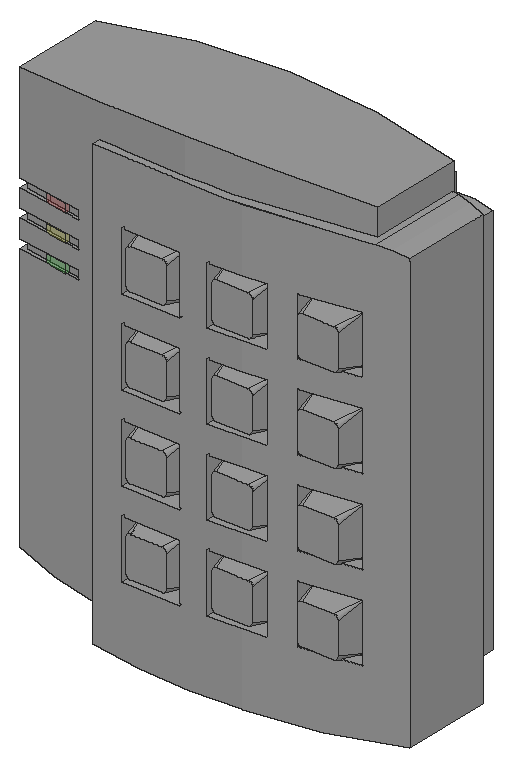
Revit family "STS-708M_RV17_LOD_400", category Электрооборудование, Revit 2017
Family settings
  Конфигурация панели = Два столбца, слева направо
  Размер круглого соединителя = Использовать диаметр
  Тип детали = Щит
  На основе рабочей плоскости = Нет
  Всегда вертикально = Да
  При загрузке вырезать с полостями = Нет
  Общий = Нет
  Точка расчета площади = Нет
Parameters (values of type "STS-708M")
  Частота, кГц = 13.56
  Тип идентификаторов = "карта, брелок"
  Смещение_УГО_Y [instance] = 0 mm
  Смещение_УГО_X [instance] = 0 mm
  Раздел проекта [instance] = ""
  Раздел Спецификации [instance] = ""
  Потребляемый ток, не более, А = 0.08
  Номинальная дальность считывания = "1-7 (зависит от\r\nидентификатора доступа)"
  Напряжение = "12"
  Диапазон рабочих температур, °С = "от минус 40 до плюс 50"
  Информационные интерфейсы = "RS-485"
  Идентификаторы (5) = "MIFARE Ultralight C"
  Идентификаторы (4) = "MIFARE Ultralight"
  Идентификаторы (3) = "MIFARE Classic Mini"
  Идентификаторы (2) = "MIFARE Classic 4K"
  Идентификаторы = "MIFARE Classic 1K"
  Время считывания проксимити-карт, не более, мс = 200
  Видимость_УГО [instance] = yes
  В_Смещение_УГО_Y [instance] = Смещение_УГО_Y + 2000 mm  # 2000 mm
  В_Смещение_УГО_X [instance] = Смещение_УГО_X + 2000 mm  # 2000 mm
  Антенна = "встроенная"
  d короба [instance] = 20 mm
  ADSK_Размер_Ширина = 87 mm
  ADSK_Размер_Глубина = 35 mm
  ADSK_Размер_Высота = 108 mm
  ADSK_Примечание = ""
  ADSK_Наименование = "STS-708M"
  ADSK_Масса = 0.25
  ADSK_Марка = "СТВФ.431295.148"
  ADSK_Количество = 1
  ADSK_Завод-изготовитель = "ООО «Основа Безопасности»"  # constant formula
  ADSK_Единица измерения = "шт."  # constant formula
  ADSK_URL страницы изделия = "https://stilsoft.ru/products/sts-708m"
  ADSK_URL документации изделия = ""
Reference planes
  plane 1 "По центру (Вперед/Назад)": y = 0
  plane 2: z = 0
  plane 3 "По центру (Влево/Вправо)": x = 0
  plane 4 "6": y = -35
  plane 5: x = 43.5
  plane 6 "7": x = -43.5
  plane 7 "вверх": z = 108
  plane 8: y = -4
  plane 9: y = -33
  plane 10: y = 0
  plane 11: x = 0
  plane 12: y = 2000
  plane 13: x = -2000
Forms (mm)
  Extrusion 1, solid, material "По умолчанию", detail levels medium+fine
    sketch origin (0, 0, 108) x (-1, 0, 0) y (0, -1, 0)
      loop
        arc (43.5, 28) -> (4, 32) -> (-35.5, 28) r 197.031
        line (-35.5, 28) -> (-35.5, 7)
        arc (-35.5, 7) -> (4, 3) -> (43.5, 7) r 197.031
        line (43.5, 7) -> (43.5, 28)
    from 0 to -100
  Extrusion 2, solid, material "По умолчанию", detail levels medium+fine
    sketch origin (0, 0, 0) x (1, 0, 0) y (0, 1, 0)
      loop
        line (-23.5, -4.578) -> (-23.5, -33)
        arc (-23.5, -33) -> (10.156, -33.62) -> (43.5, -29) r 215.844
        line (43.5, -29) -> (43.5, -9)
        arc (43.5, -9) -> (10.193, -3.867) -> (-23.5, -4.578) r 193.933
    from 0 to 100
  Extrusion 3, solid, material "По умолчанию", detail levels medium+fine
    sketch origin (0, 0, 0) x (1, 0, 0) y (0, 0, 1)
      loop
        arc (-38.5, 13) -> (-28.649, 10.51) -> (-18.5, 10) r 51.561
        line (-18.5, 10) -> (-18.5, 6)
        arc (-18.5, 6) -> (10.026, 5.004) -> (38.5, 7) r 272.209
        line (38.5, 7) -> (38.5, 94)
        arc (38.5, 94) -> (34.549, 94.894) -> (30.5, 95) r 20.654
        line (30.5, 95) -> (30.5, 99)
        arc (30.5, 99) -> (-4, 100) -> (-38.5, 99) r 595.625
        line (-38.5, 99) -> (-38.5, 13)
    from 0 to 10
  Sweep 4, void
    path origin (0, 0, 0) x (1, 0, 0) y (0, 1, 0)
      loop
        line (-23.5, -1.655) -> (-23.5, -35)
    profile origin (-23.5, -18.327, 0) x (1, 0, 0) y (0, 0, 1)
      loop
        line (0, 1) -> (-1, 1) -> (-1, -2) -> (68, -2) -> (68, 2) -> (67, 2)
        arc (67, 2) -> (33.522, 0) -> (0, 1) r 374.958
  Sweep 5, void
    path origin (0, 0, 8) x (-1, 0, 0) y (0, -1, 0)
      loop
        line (23.5, 3) -> (23.5, 33)
    profile origin (-23.5, -18, 8) x (1, 0, 0) y (0, 0, 1)
      loop
        arc (0, 0) -> (-10.125, 0.67) -> (-20, 3) r 61.309
        line (-20, 3) -> (-21.767, 3) -> (-21.767, -2) -> (0, -2) -> (0, 0)
  Sweep 6, void
    path origin (0, 0, 108) x (-1, 0, 0) y (0, -1, 0)
      loop
        line (43.5, 0) -> (43.5, 35)
    profile origin (-43.5, -17.5, 108) x (1, 0, 0) y (0, 0, 1)
      loop
        arc (0, -2) -> (39.5, 0) -> (79, -2) r 391.063
        line (79, -2) -> (81, -2) -> (81, 2) -> (-2, 2) -> (-2, -2) -> (0, -2)
  Sweep 7, void
    path origin (0, 0, 100) x (0, -1, 0) y (1, 0, 0)
      loop
        line (5.698, 35.5) -> (32, 35.5)
    profile origin (35.5, -18.849, 100) x (1, 0, 0) y (0, 0, 1)
      loop
        arc (0, 0) -> (4.038, -0.192) -> (8, -1) r 26.362
        line (8, -1) -> (9, -1) -> (9, 1) -> (0, 1) -> (0, 0)
  Extrusion 8, void, detail levels fine
    sketch origin (-43.5, 0, 0) x (0, -1, 0) y (0, 0, 1)
      loop
        line (28, 84) -> (17, 84) -> (17, 82) -> (28, 82) -> (28, 84)
      loop
        line (28, 78) -> (17, 78) -> (17, 76) -> (28, 76) -> (28, 78)
      loop
        line (28, 72) -> (17, 72) -> (17, 70) -> (28, 70) -> (28, 72)
    from 0 to -1
  Extrusion 9, void, detail levels fine
    sketch origin (-5.948, -33.735, 0) x (-0.984808, 0.173648, 0) y (0, 0, 1)
      loop
        line (37.977, 84) -> (22.977, 84) -> (22.977, 82) -> (37.977, 82) -> (37.977, 84)
      loop
        line (37.977, 78) -> (22.977, 78) -> (22.977, 76) -> (37.977, 76) -> (37.977, 78)
      loop
        line (37.977, 72) -> (22.977, 72) -> (22.977, 70) -> (37.977, 70) -> (37.977, 72)
    from 0 to -1.049
  Extrusion 10, solid, material "Стекло", detail levels fine
    sketch origin (-5.948, -33.735, 0) x (-0.984808, 0.173648, 0) y (0, 0, 1)
      loop
        line (25.977, 82) -> (30.977, 82) -> (30.977, 84) -> (25.977, 84) -> (25.977, 82)
    from 0 to -1
  Extrusion 11, solid, material "Стекло 2", detail levels fine
    sketch origin (-5.948, -33.735, -6) x (-0.984808, 0.173648, 0) y (0, 0, 1)
      loop
        line (25.977, 82) -> (30.977, 82) -> (30.977, 84) -> (25.977, 84) -> (25.977, 82)
    from 0 to -1
  Extrusion 12, solid, material "Стекло 3", detail levels fine
    sketch origin (-5.948, -33.735, -12) x (-0.984808, 0.173648, 0) y (0, 0, 1)
      loop
        line (25.977, 82) -> (30.977, 82) -> (30.977, 84) -> (25.977, 84) -> (25.977, 82)
    from 0 to -1
  Extrusion 13, void, detail levels medium+fine
    sketch origin (0, -28, 0) x (-1, 0, 0) y (0, 0, 1)
      loop
        line (16.5, 86) -> (3.5, 86) -> (3.5, 73) -> (16.5, 73) -> (16.5, 86)
      loop
        line (-2.5, 86) -> (-15.5, 86) -> (-15.5, 73) -> (-2.5, 73) -> (-2.5, 86)
      loop
        line (-21.5, 86) -> (-34.5, 86) -> (-34.5, 73) -> (-21.5, 73) -> (-21.5, 86)
      loop
        line (16.5, 67) -> (3.5, 67) -> (3.5, 54) -> (16.5, 54) -> (16.5, 67)
      loop
        line (-2.5, 67) -> (-15.5, 67) -> (-15.5, 54) -> (-2.5, 54) -> (-2.5, 67)
      loop
        line (-21.5, 67) -> (-34.5, 67) -> (-34.5, 54) -> (-21.5, 54) -> (-21.5, 67)
      loop
        line (16.5, 48) -> (3.5, 48) -> (3.5, 35) -> (16.5, 35) -> (16.5, 48)
      loop
        line (-2.5, 48) -> (-15.5, 48) -> (-15.5, 35) -> (-2.5, 35) -> (-2.5, 48)
      loop
        line (-21.5, 48) -> (-34.5, 48) -> (-34.5, 35) -> (-21.5, 35) -> (-21.5, 48)
      loop
        line (16.5, 29) -> (3.5, 29) -> (3.5, 16) -> (16.5, 16) -> (16.5, 29)
      loop
        line (-2.5, 29) -> (-15.5, 29) -> (-15.5, 16) -> (-2.5, 16) -> (-2.5, 29)
      loop
        line (-21.5, 29) -> (-34.5, 29) -> (-34.5, 16) -> (-21.5, 16) -> (-21.5, 29)
    from 0 to -7
  Blend 14, solid, material "По умолчанию", detail levels medium+fine
    base sketch origin (0, -28, 0) x (-1, 0, 0) y (0, 0, 1)
      loop
        line (15.5, 85) -> (4.5, 85) -> (4.5, 74) -> (15.5, 74) -> (15.5, 85)
    top sketch origin (0, -28, 0) x (-1, 0, 0) y (0, 0, 1)
      loop
        line (13.5, 84) -> (6.5, 84)
        arc (6.5, 84) -> (5.793, 83.707) -> (5.5, 83) r 1
        line (5.5, 83) -> (5.5, 76)
        arc (5.5, 76) -> (5.793, 75.293) -> (6.5, 75) r 1
        line (6.5, 75) -> (13.5, 75)
        arc (13.5, 75) -> (14.207, 75.293) -> (14.5, 76) r 1
        line (14.5, 76) -> (14.5, 83)
        arc (14.5, 83) -> (14.207, 83.707) -> (13.5, 84) r 1
    from 0 to -7
  Blend 15, solid, material "По умолчанию", detail levels medium+fine
    base sketch origin (19, -28, 0) x (-1, 0, 0) y (0, 0, 1)
      loop
        line (15.5, 85) -> (4.5, 85) -> (4.5, 74) -> (15.5, 74) -> (15.5, 85)
    top sketch origin (19, -28, 0) x (-1, 0, 0) y (0, 0, 1)
      loop
        line (13.5, 84) -> (6.5, 84)
        arc (6.5, 84) -> (5.793, 83.707) -> (5.5, 83) r 1
        line (5.5, 83) -> (5.5, 76)
        arc (5.5, 76) -> (5.793, 75.293) -> (6.5, 75) r 1
        line (6.5, 75) -> (13.5, 75)
        arc (13.5, 75) -> (14.207, 75.293) -> (14.5, 76) r 1
        line (14.5, 76) -> (14.5, 83)
        arc (14.5, 83) -> (14.207, 83.707) -> (13.5, 84) r 1
    from 0 to -7
  Blend 16, solid, material "По умолчанию", detail levels medium+fine
    base sketch origin (38, -28, 0) x (-1, 0, 0) y (0, 0, 1)
      loop
        line (15.5, 85) -> (4.5, 85) -> (4.5, 74) -> (15.5, 74) -> (15.5, 85)
    top sketch origin (38, -28, 0) x (-1, 0, 0) y (0, 0, 1)
      loop
        line (13.5, 84) -> (6.5, 84)
        arc (6.5, 84) -> (5.793, 83.707) -> (5.5, 83) r 1
        line (5.5, 83) -> (5.5, 76)
        arc (5.5, 76) -> (5.793, 75.293) -> (6.5, 75) r 1
        line (6.5, 75) -> (13.5, 75)
        arc (13.5, 75) -> (14.207, 75.293) -> (14.5, 76) r 1
        line (14.5, 76) -> (14.5, 83)
        arc (14.5, 83) -> (14.207, 83.707) -> (13.5, 84) r 1
    from 0 to -7
  Blend 17, solid, material "По умолчанию", detail levels medium+fine
    base sketch origin (0, -28, -19) x (-1, 0, 0) y (0, 0, 1)
      loop
        line (15.5, 85) -> (4.5, 85) -> (4.5, 74) -> (15.5, 74) -> (15.5, 85)
    top sketch origin (0, -28, -19) x (-1, 0, 0) y (0, 0, 1)
      loop
        line (13.5, 84) -> (6.5, 84)
        arc (6.5, 84) -> (5.793, 83.707) -> (5.5, 83) r 1
        line (5.5, 83) -> (5.5, 76)
        arc (5.5, 76) -> (5.793, 75.293) -> (6.5, 75) r 1
        line (6.5, 75) -> (13.5, 75)
        arc (13.5, 75) -> (14.207, 75.293) -> (14.5, 76) r 1
        line (14.5, 76) -> (14.5, 83)
        arc (14.5, 83) -> (14.207, 83.707) -> (13.5, 84) r 1
    from 0 to -7
  Blend 18, solid, material "По умолчанию", detail levels medium+fine
    base sketch origin (19, -28, -19) x (-1, 0, 0) y (0, 0, 1)
      loop
        line (15.5, 85) -> (4.5, 85) -> (4.5, 74) -> (15.5, 74) -> (15.5, 85)
    top sketch origin (19, -28, -19) x (-1, 0, 0) y (0, 0, 1)
      loop
        line (13.5, 84) -> (6.5, 84)
        arc (6.5, 84) -> (5.793, 83.707) -> (5.5, 83) r 1
        line (5.5, 83) -> (5.5, 76)
        arc (5.5, 76) -> (5.793, 75.293) -> (6.5, 75) r 1
        line (6.5, 75) -> (13.5, 75)
        arc (13.5, 75) -> (14.207, 75.293) -> (14.5, 76) r 1
        line (14.5, 76) -> (14.5, 83)
        arc (14.5, 83) -> (14.207, 83.707) -> (13.5, 84) r 1
    from 0 to -7
  Blend 19, solid, material "По умолчанию", detail levels medium+fine
    base sketch origin (38, -28, -19) x (-1, 0, 0) y (0, 0, 1)
      loop
        line (15.5, 85) -> (4.5, 85) -> (4.5, 74) -> (15.5, 74) -> (15.5, 85)
    top sketch origin (38, -28, -19) x (-1, 0, 0) y (0, 0, 1)
      loop
        line (13.5, 84) -> (6.5, 84)
        arc (6.5, 84) -> (5.793, 83.707) -> (5.5, 83) r 1
        line (5.5, 83) -> (5.5, 76)
        arc (5.5, 76) -> (5.793, 75.293) -> (6.5, 75) r 1
        line (6.5, 75) -> (13.5, 75)
        arc (13.5, 75) -> (14.207, 75.293) -> (14.5, 76) r 1
        line (14.5, 76) -> (14.5, 83)
        arc (14.5, 83) -> (14.207, 83.707) -> (13.5, 84) r 1
    from 0 to -7
  Blend 20, solid, material "По умолчанию", detail levels medium+fine
    base sketch origin (0, -28, -38) x (-1, 0, 0) y (0, 0, 1)
      loop
        line (15.5, 85) -> (4.5, 85) -> (4.5, 74) -> (15.5, 74) -> (15.5, 85)
    top sketch origin (0, -28, -38) x (-1, 0, 0) y (0, 0, 1)
      loop
        line (13.5, 84) -> (6.5, 84)
        arc (6.5, 84) -> (5.793, 83.707) -> (5.5, 83) r 1
        line (5.5, 83) -> (5.5, 76)
        arc (5.5, 76) -> (5.793, 75.293) -> (6.5, 75) r 1
        line (6.5, 75) -> (13.5, 75)
        arc (13.5, 75) -> (14.207, 75.293) -> (14.5, 76) r 1
        line (14.5, 76) -> (14.5, 83)
        arc (14.5, 83) -> (14.207, 83.707) -> (13.5, 84) r 1
    from 0 to -7
  Blend 21, solid, material "По умолчанию", detail levels medium+fine
    base sketch origin (19, -28, -38) x (-1, 0, 0) y (0, 0, 1)
      loop
        line (15.5, 85) -> (4.5, 85) -> (4.5, 74) -> (15.5, 74) -> (15.5, 85)
    top sketch origin (19, -28, -38) x (-1, 0, 0) y (0, 0, 1)
      loop
        line (13.5, 84) -> (6.5, 84)
        arc (6.5, 84) -> (5.793, 83.707) -> (5.5, 83) r 1
        line (5.5, 83) -> (5.5, 76)
        arc (5.5, 76) -> (5.793, 75.293) -> (6.5, 75) r 1
        line (6.5, 75) -> (13.5, 75)
        arc (13.5, 75) -> (14.207, 75.293) -> (14.5, 76) r 1
        line (14.5, 76) -> (14.5, 83)
        arc (14.5, 83) -> (14.207, 83.707) -> (13.5, 84) r 1
    from 0 to -7
  Blend 22, solid, material "По умолчанию", detail levels medium+fine
    base sketch origin (38, -28, -38) x (-1, 0, 0) y (0, 0, 1)
      loop
        line (15.5, 85) -> (4.5, 85) -> (4.5, 74) -> (15.5, 74) -> (15.5, 85)
    top sketch origin (38, -28, -38) x (-1, 0, 0) y (0, 0, 1)
      loop
        line (13.5, 84) -> (6.5, 84)
        arc (6.5, 84) -> (5.793, 83.707) -> (5.5, 83) r 1
        line (5.5, 83) -> (5.5, 76)
        arc (5.5, 76) -> (5.793, 75.293) -> (6.5, 75) r 1
        line (6.5, 75) -> (13.5, 75)
        arc (13.5, 75) -> (14.207, 75.293) -> (14.5, 76) r 1
        line (14.5, 76) -> (14.5, 83)
        arc (14.5, 83) -> (14.207, 83.707) -> (13.5, 84) r 1
    from 0 to -7
  Blend 23, solid, material "По умолчанию", detail levels medium+fine
    base sketch origin (0, -28, -57) x (-1, 0, 0) y (0, 0, 1)
      loop
        line (15.5, 85) -> (4.5, 85) -> (4.5, 74) -> (15.5, 74) -> (15.5, 85)
    top sketch origin (0, -28, -57) x (-1, 0, 0) y (0, 0, 1)
      loop
        line (13.5, 84) -> (6.5, 84)
        arc (6.5, 84) -> (5.793, 83.707) -> (5.5, 83) r 1
        line (5.5, 83) -> (5.5, 76)
        arc (5.5, 76) -> (5.793, 75.293) -> (6.5, 75) r 1
        line (6.5, 75) -> (13.5, 75)
        arc (13.5, 75) -> (14.207, 75.293) -> (14.5, 76) r 1
        line (14.5, 76) -> (14.5, 83)
        arc (14.5, 83) -> (14.207, 83.707) -> (13.5, 84) r 1
    from 0 to -7
  Blend 24, solid, material "По умолчанию", detail levels medium+fine
    base sketch origin (19, -28, -57) x (-1, 0, 0) y (0, 0, 1)
      loop
        line (15.5, 85) -> (4.5, 85) -> (4.5, 74) -> (15.5, 74) -> (15.5, 85)
    top sketch origin (19, -28, -57) x (-1, 0, 0) y (0, 0, 1)
      loop
        line (13.5, 84) -> (6.5, 84)
        arc (6.5, 84) -> (5.793, 83.707) -> (5.5, 83) r 1
        line (5.5, 83) -> (5.5, 76)
        arc (5.5, 76) -> (5.793, 75.293) -> (6.5, 75) r 1
        line (6.5, 75) -> (13.5, 75)
        arc (13.5, 75) -> (14.207, 75.293) -> (14.5, 76) r 1
        line (14.5, 76) -> (14.5, 83)
        arc (14.5, 83) -> (14.207, 83.707) -> (13.5, 84) r 1
    from 0 to -7
  Blend 25, solid, material "По умолчанию", detail levels medium+fine
    base sketch origin (38, -28, -57) x (-1, 0, 0) y (0, 0, 1)
      loop
        line (15.5, 85) -> (4.5, 85) -> (4.5, 74) -> (15.5, 74) -> (15.5, 85)
    top sketch origin (38, -28, -57) x (-1, 0, 0) y (0, 0, 1)
      loop
        line (13.5, 84) -> (6.5, 84)
        arc (6.5, 84) -> (5.793, 83.707) -> (5.5, 83) r 1
        line (5.5, 83) -> (5.5, 76)
        arc (5.5, 76) -> (5.793, 75.293) -> (6.5, 75) r 1
        line (6.5, 75) -> (13.5, 75)
        arc (13.5, 75) -> (14.207, 75.293) -> (14.5, 76) r 1
        line (14.5, 76) -> (14.5, 83)
        arc (14.5, 83) -> (14.207, 83.707) -> (13.5, 84) r 1
    from 0 to -7
  Extrusion 26, solid, not visible, detail levels medium+fine
    sketch origin (0, 0, 108) x (-1, 0, 0) y (0, -1, 0)
      loop
        arc (43.5, 28) -> (4, 32) -> (-35.5, 28) r 197.031
        line (-35.5, 28) -> (-35.5, 7)
        arc (-35.5, 7) -> (4, 3) -> (43.5, 7) r 197.031
        line (43.5, 7) -> (43.5, 28)
    from 0 to -100
  Extrusion 27, solid, not visible, detail levels medium+fine
    sketch origin (0, 0, 0) x (1, 0, 0) y (0, 1, 0)
      loop
        line (-23.5, -4.578) -> (-23.5, -33)
        arc (-23.5, -33) -> (10.156, -33.62) -> (43.5, -29) r 215.844
        line (43.5, -29) -> (43.5, -9)
        arc (43.5, -9) -> (10.193, -3.867) -> (-23.5, -4.578) r 193.933
    from 0 to 100
  Extrusion 28, solid, not visible, detail levels medium+fine
    sketch origin (0, 0, 0) x (1, 0, 0) y (0, 0, 1)
      loop
        arc (-38.5, 13) -> (-28.649, 10.51) -> (-18.5, 10) r 51.561
        line (-18.5, 10) -> (-18.5, 6)
        arc (-18.5, 6) -> (10.026, 5.004) -> (38.5, 7) r 272.209
        line (38.5, 7) -> (38.5, 94)
        arc (38.5, 94) -> (34.549, 94.894) -> (30.5, 95) r 20.654
        line (30.5, 95) -> (30.5, 99)
        arc (30.5, 99) -> (-4, 100) -> (-38.5, 99) r 595.625
        line (-38.5, 99) -> (-38.5, 13)
    from 0 to 10
  Sweep 29, void, not visible
    path origin (0, 0, 0) x (1, 0, 0) y (0, 1, 0)
      loop
        line (-23.5, -1.655) -> (-23.5, -35)
    profile origin (-23.5, -18.327, 0) x (1, 0, 0) y (0, 0, 1)
      loop
        line (0, 1) -> (-1, 1) -> (-1, -2) -> (68, -2) -> (68, 2) -> (67, 2)
        arc (67, 2) -> (33.522, 0) -> (0, 1) r 374.958
  Sweep 30, void, not visible
    path origin (0, 0, 8) x (-1, 0, 0) y (0, -1, 0)
      loop
        line (23.5, 3) -> (23.5, 33)
    profile origin (-23.5, -18, 8) x (1, 0, 0) y (0, 0, 1)
      loop
        arc (0, 0) -> (-10.125, 0.67) -> (-20, 3) r 61.309
        line (-20, 3) -> (-21.767, 3) -> (-21.767, -2) -> (0, -2) -> (0, 0)
  Sweep 31, void, not visible
    path origin (0, 0, 108) x (-1, 0, 0) y (0, -1, 0)
      loop
        line (43.5, 0) -> (43.5, 35)
    profile origin (-43.5, -17.5, 108) x (1, 0, 0) y (0, 0, 1)
      loop
        arc (0, -2) -> (39.5, 0) -> (79, -2) r 391.063
        line (79, -2) -> (81, -2) -> (81, 2) -> (-2, 2) -> (-2, -2) -> (0, -2)
  Sweep 32, void, not visible
    path origin (0, 0, 100) x (0, -1, 0) y (1, 0, 0)
      loop
        line (5.698, 35.5) -> (32, 35.5)
    profile origin (35.5, -18.849, 100) x (1, 0, 0) y (0, 0, 1)
      loop
        arc (0, 0) -> (4.038, -0.192) -> (8, -1) r 26.362
        line (8, -1) -> (9, -1) -> (9, 1) -> (0, 1) -> (0, 0)
  Extrusion 33, void, not visible, detail levels fine
    sketch origin (-43.5, 0, 0) x (0, -1, 0) y (0, 0, 1)
      loop
        line (28, 84) -> (17, 84) -> (17, 82) -> (28, 82) -> (28, 84)
      loop
        line (28, 78) -> (17, 78) -> (17, 76) -> (28, 76) -> (28, 78)
      loop
        line (28, 72) -> (17, 72) -> (17, 70) -> (28, 70) -> (28, 72)
    from 0 to -1
  Extrusion 34, void, not visible, detail levels fine
    sketch origin (-5.948, -33.735, 0) x (-0.984808, 0.173648, 0) y (0, 0, 1)
      loop
        line (37.977, 84) -> (22.977, 84) -> (22.977, 82) -> (37.977, 82) -> (37.977, 84)
      loop
        line (37.977, 78) -> (22.977, 78) -> (22.977, 76) -> (37.977, 76) -> (37.977, 78)
      loop
        line (37.977, 72) -> (22.977, 72) -> (22.977, 70) -> (37.977, 70) -> (37.977, 72)
    from 0 to -1.049
  Extrusion 35, solid, not visible, detail levels fine
    sketch origin (-5.948, -33.735, 0) x (-0.984808, 0.173648, 0) y (0, 0, 1)
      loop
        line (25.977, 82) -> (30.977, 82) -> (30.977, 84) -> (25.977, 84) -> (25.977, 82)
    from 0 to -1
  Extrusion 36, solid, not visible, detail levels fine
    sketch origin (-5.948, -33.735, -6) x (-0.984808, 0.173648, 0) y (0, 0, 1)
      loop
        line (25.977, 82) -> (30.977, 82) -> (30.977, 84) -> (25.977, 84) -> (25.977, 82)
    from 0 to -1
  Extrusion 37, solid, not visible, detail levels fine
    sketch origin (-5.948, -33.735, -12) x (-0.984808, 0.173648, 0) y (0, 0, 1)
      loop
        line (25.977, 82) -> (30.977, 82) -> (30.977, 84) -> (25.977, 84) -> (25.977, 82)
    from 0 to -1
  Extrusion 38, void, not visible, detail levels medium+fine
    sketch origin (0, -28, 0) x (-1, 0, 0) y (0, 0, 1)
      loop
        line (16.5, 86) -> (3.5, 86) -> (3.5, 73) -> (16.5, 73) -> (16.5, 86)
      loop
        line (-2.5, 86) -> (-15.5, 86) -> (-15.5, 73) -> (-2.5, 73) -> (-2.5, 86)
      loop
        line (-21.5, 86) -> (-34.5, 86) -> (-34.5, 73) -> (-21.5, 73) -> (-21.5, 86)
      loop
        line (16.5, 67) -> (3.5, 67) -> (3.5, 54) -> (16.5, 54) -> (16.5, 67)
      loop
        line (-2.5, 67) -> (-15.5, 67) -> (-15.5, 54) -> (-2.5, 54) -> (-2.5, 67)
      loop
        line (-21.5, 67) -> (-34.5, 67) -> (-34.5, 54) -> (-21.5, 54) -> (-21.5, 67)
      loop
        line (16.5, 48) -> (3.5, 48) -> (3.5, 35) -> (16.5, 35) -> (16.5, 48)
      loop
        line (-2.5, 48) -> (-15.5, 48) -> (-15.5, 35) -> (-2.5, 35) -> (-2.5, 48)
      loop
        line (-21.5, 48) -> (-34.5, 48) -> (-34.5, 35) -> (-21.5, 35) -> (-21.5, 48)
      loop
        line (16.5, 29) -> (3.5, 29) -> (3.5, 16) -> (16.5, 16) -> (16.5, 29)
      loop
        line (-2.5, 29) -> (-15.5, 29) -> (-15.5, 16) -> (-2.5, 16) -> (-2.5, 29)
      loop
        line (-21.5, 29) -> (-34.5, 29) -> (-34.5, 16) -> (-21.5, 16) -> (-21.5, 29)
    from 0 to -7
  Blend 39, solid, not visible, detail levels medium+fine
    base sketch origin (0, -28, 0) x (-1, 0, 0) y (0, 0, 1)
      loop
        line (15.5, 85) -> (4.5, 85) -> (4.5, 74) -> (15.5, 74) -> (15.5, 85)
    top sketch origin (0, -28, 0) x (-1, 0, 0) y (0, 0, 1)
      loop
        line (13.5, 84) -> (6.5, 84)
        arc (6.5, 84) -> (5.793, 83.707) -> (5.5, 83) r 1
        line (5.5, 83) -> (5.5, 76)
        arc (5.5, 76) -> (5.793, 75.293) -> (6.5, 75) r 1
        line (6.5, 75) -> (13.5, 75)
        arc (13.5, 75) -> (14.207, 75.293) -> (14.5, 76) r 1
        line (14.5, 76) -> (14.5, 83)
        arc (14.5, 83) -> (14.207, 83.707) -> (13.5, 84) r 1
    from 0 to -7
  Blend 40, solid, not visible, detail levels medium+fine
    base sketch origin (19, -28, 0) x (-1, 0, 0) y (0, 0, 1)
      loop
        line (15.5, 85) -> (4.5, 85) -> (4.5, 74) -> (15.5, 74) -> (15.5, 85)
    top sketch origin (19, -28, 0) x (-1, 0, 0) y (0, 0, 1)
      loop
        line (13.5, 84) -> (6.5, 84)
        arc (6.5, 84) -> (5.793, 83.707) -> (5.5, 83) r 1
        line (5.5, 83) -> (5.5, 76)
        arc (5.5, 76) -> (5.793, 75.293) -> (6.5, 75) r 1
        line (6.5, 75) -> (13.5, 75)
        arc (13.5, 75) -> (14.207, 75.293) -> (14.5, 76) r 1
        line (14.5, 76) -> (14.5, 83)
        arc (14.5, 83) -> (14.207, 83.707) -> (13.5, 84) r 1
    from 0 to -7
  Blend 41, solid, not visible, detail levels medium+fine
    base sketch origin (38, -28, 0) x (-1, 0, 0) y (0, 0, 1)
      loop
        line (15.5, 85) -> (4.5, 85) -> (4.5, 74) -> (15.5, 74) -> (15.5, 85)
    top sketch origin (38, -28, 0) x (-1, 0, 0) y (0, 0, 1)
      loop
        line (13.5, 84) -> (6.5, 84)
        arc (6.5, 84) -> (5.793, 83.707) -> (5.5, 83) r 1
        line (5.5, 83) -> (5.5, 76)
        arc (5.5, 76) -> (5.793, 75.293) -> (6.5, 75) r 1
        line (6.5, 75) -> (13.5, 75)
        arc (13.5, 75) -> (14.207, 75.293) -> (14.5, 76) r 1
        line (14.5, 76) -> (14.5, 83)
        arc (14.5, 83) -> (14.207, 83.707) -> (13.5, 84) r 1
    from 0 to -7
  Blend 42, solid, not visible, detail levels medium+fine
    base sketch origin (0, -28, -19) x (-1, 0, 0) y (0, 0, 1)
      loop
        line (15.5, 85) -> (4.5, 85) -> (4.5, 74) -> (15.5, 74) -> (15.5, 85)
    top sketch origin (0, -28, -19) x (-1, 0, 0) y (0, 0, 1)
      loop
        line (13.5, 84) -> (6.5, 84)
        arc (6.5, 84) -> (5.793, 83.707) -> (5.5, 83) r 1
        line (5.5, 83) -> (5.5, 76)
        arc (5.5, 76) -> (5.793, 75.293) -> (6.5, 75) r 1
        line (6.5, 75) -> (13.5, 75)
        arc (13.5, 75) -> (14.207, 75.293) -> (14.5, 76) r 1
        line (14.5, 76) -> (14.5, 83)
        arc (14.5, 83) -> (14.207, 83.707) -> (13.5, 84) r 1
    from 0 to -7
  Blend 43, solid, not visible, detail levels medium+fine
    base sketch origin (19, -28, -19) x (-1, 0, 0) y (0, 0, 1)
      loop
        line (15.5, 85) -> (4.5, 85) -> (4.5, 74) -> (15.5, 74) -> (15.5, 85)
    top sketch origin (19, -28, -19) x (-1, 0, 0) y (0, 0, 1)
      loop
        line (13.5, 84) -> (6.5, 84)
        arc (6.5, 84) -> (5.793, 83.707) -> (5.5, 83) r 1
        line (5.5, 83) -> (5.5, 76)
        arc (5.5, 76) -> (5.793, 75.293) -> (6.5, 75) r 1
        line (6.5, 75) -> (13.5, 75)
        arc (13.5, 75) -> (14.207, 75.293) -> (14.5, 76) r 1
        line (14.5, 76) -> (14.5, 83)
        arc (14.5, 83) -> (14.207, 83.707) -> (13.5, 84) r 1
    from 0 to -7
  Blend 44, solid, not visible, detail levels medium+fine
    base sketch origin (38, -28, -19) x (-1, 0, 0) y (0, 0, 1)
      loop
        line (15.5, 85) -> (4.5, 85) -> (4.5, 74) -> (15.5, 74) -> (15.5, 85)
    top sketch origin (38, -28, -19) x (-1, 0, 0) y (0, 0, 1)
      loop
        line (13.5, 84) -> (6.5, 84)
        arc (6.5, 84) -> (5.793, 83.707) -> (5.5, 83) r 1
        line (5.5, 83) -> (5.5, 76)
        arc (5.5, 76) -> (5.793, 75.293) -> (6.5, 75) r 1
        line (6.5, 75) -> (13.5, 75)
        arc (13.5, 75) -> (14.207, 75.293) -> (14.5, 76) r 1
        line (14.5, 76) -> (14.5, 83)
        arc (14.5, 83) -> (14.207, 83.707) -> (13.5, 84) r 1
    from 0 to -7
  Blend 45, solid, not visible, detail levels medium+fine
    base sketch origin (0, -28, -38) x (-1, 0, 0) y (0, 0, 1)
      loop
        line (15.5, 85) -> (4.5, 85) -> (4.5, 74) -> (15.5, 74) -> (15.5, 85)
    top sketch origin (0, -28, -38) x (-1, 0, 0) y (0, 0, 1)
      loop
        line (13.5, 84) -> (6.5, 84)
        arc (6.5, 84) -> (5.793, 83.707) -> (5.5, 83) r 1
        line (5.5, 83) -> (5.5, 76)
        arc (5.5, 76) -> (5.793, 75.293) -> (6.5, 75) r 1
        line (6.5, 75) -> (13.5, 75)
        arc (13.5, 75) -> (14.207, 75.293) -> (14.5, 76) r 1
        line (14.5, 76) -> (14.5, 83)
        arc (14.5, 83) -> (14.207, 83.707) -> (13.5, 84) r 1
    from 0 to -7
  Blend 46, solid, not visible, detail levels medium+fine
    base sketch origin (19, -28, -38) x (-1, 0, 0) y (0, 0, 1)
      loop
        line (15.5, 85) -> (4.5, 85) -> (4.5, 74) -> (15.5, 74) -> (15.5, 85)
    top sketch origin (19, -28, -38) x (-1, 0, 0) y (0, 0, 1)
      loop
        line (13.5, 84) -> (6.5, 84)
        arc (6.5, 84) -> (5.793, 83.707) -> (5.5, 83) r 1
        line (5.5, 83) -> (5.5, 76)
        arc (5.5, 76) -> (5.793, 75.293) -> (6.5, 75) r 1
        line (6.5, 75) -> (13.5, 75)
        arc (13.5, 75) -> (14.207, 75.293) -> (14.5, 76) r 1
        line (14.5, 76) -> (14.5, 83)
        arc (14.5, 83) -> (14.207, 83.707) -> (13.5, 84) r 1
    from 0 to -7
  Blend 47, solid, not visible, detail levels medium+fine
    base sketch origin (38, -28, -38) x (-1, 0, 0) y (0, 0, 1)
      loop
        line (15.5, 85) -> (4.5, 85) -> (4.5, 74) -> (15.5, 74) -> (15.5, 85)
    top sketch origin (38, -28, -38) x (-1, 0, 0) y (0, 0, 1)
      loop
        line (13.5, 84) -> (6.5, 84)
        arc (6.5, 84) -> (5.793, 83.707) -> (5.5, 83) r 1
        line (5.5, 83) -> (5.5, 76)
        arc (5.5, 76) -> (5.793, 75.293) -> (6.5, 75) r 1
        line (6.5, 75) -> (13.5, 75)
        arc (13.5, 75) -> (14.207, 75.293) -> (14.5, 76) r 1
        line (14.5, 76) -> (14.5, 83)
        arc (14.5, 83) -> (14.207, 83.707) -> (13.5, 84) r 1
    from 0 to -7
  Blend 48, solid, not visible, detail levels medium+fine
    base sketch origin (0, -28, -57) x (-1, 0, 0) y (0, 0, 1)
      loop
        line (15.5, 85) -> (4.5, 85) -> (4.5, 74) -> (15.5, 74) -> (15.5, 85)
    top sketch origin (0, -28, -57) x (-1, 0, 0) y (0, 0, 1)
      loop
        line (13.5, 84) -> (6.5, 84)
        arc (6.5, 84) -> (5.793, 83.707) -> (5.5, 83) r 1
        line (5.5, 83) -> (5.5, 76)
        arc (5.5, 76) -> (5.793, 75.293) -> (6.5, 75) r 1
        line (6.5, 75) -> (13.5, 75)
        arc (13.5, 75) -> (14.207, 75.293) -> (14.5, 76) r 1
        line (14.5, 76) -> (14.5, 83)
        arc (14.5, 83) -> (14.207, 83.707) -> (13.5, 84) r 1
    from 0 to -7
  Blend 49, solid, not visible, detail levels medium+fine
    base sketch origin (19, -28, -57) x (-1, 0, 0) y (0, 0, 1)
      loop
        line (15.5, 85) -> (4.5, 85) -> (4.5, 74) -> (15.5, 74) -> (15.5, 85)
    top sketch origin (19, -28, -57) x (-1, 0, 0) y (0, 0, 1)
      loop
        line (13.5, 84) -> (6.5, 84)
        arc (6.5, 84) -> (5.793, 83.707) -> (5.5, 83) r 1
        line (5.5, 83) -> (5.5, 76)
        arc (5.5, 76) -> (5.793, 75.293) -> (6.5, 75) r 1
        line (6.5, 75) -> (13.5, 75)
        arc (13.5, 75) -> (14.207, 75.293) -> (14.5, 76) r 1
        line (14.5, 76) -> (14.5, 83)
        arc (14.5, 83) -> (14.207, 83.707) -> (13.5, 84) r 1
    from 0 to -7
  Blend 50, solid, not visible, detail levels medium+fine
    base sketch origin (38, -28, -57) x (-1, 0, 0) y (0, 0, 1)
      loop
        line (15.5, 85) -> (4.5, 85) -> (4.5, 74) -> (15.5, 74) -> (15.5, 85)
    top sketch origin (38, -28, -57) x (-1, 0, 0) y (0, 0, 1)
      loop
        line (13.5, 84) -> (6.5, 84)
        arc (6.5, 84) -> (5.793, 83.707) -> (5.5, 83) r 1
        line (5.5, 83) -> (5.5, 76)
        arc (5.5, 76) -> (5.793, 75.293) -> (6.5, 75) r 1
        line (6.5, 75) -> (13.5, 75)
        arc (13.5, 75) -> (14.207, 75.293) -> (14.5, 76) r 1
        line (14.5, 76) -> (14.5, 83)
        arc (14.5, 83) -> (14.207, 83.707) -> (13.5, 84) r 1
    from 0 to -7
Cuts and joins
  Sweep 4, Sweep 5, Sweep 6, Extrusion 8, Extrusion 9, Extrusion 13 cuts Extrusion 1
  Sweep 4, Sweep 6, Sweep 7, Extrusion 8, Extrusion 9, Extrusion 13 cuts Extrusion 2
  Extrusion 8, Extrusion 9, Extrusion 13 cuts Extrusion 3
  joined: Extrusion 1, Extrusion 2, Extrusion 3
Lines and regions (mm)
  model lines, detail levels fine
    curve 1: line (-11.375, -35, 80.689) -> (-11.375, -35, 81.392)
    curve 2: arc (-11.375, -35, 81.392) -> (-10.406, -35, 81.978) -> (-9.691, -35, 82.856) r 3.316
    curve 3: line (-9.691, -35, 82.856) -> (-9.074, -35, 82.856)
    curve 4: line (-9.074, -35, 82.856) -> (-9.074, -35, 76.834)
    curve 5: line (-9.074, -35, 76.834) -> (-9.905, -35, 76.834)
    curve 6: line (-9.905, -35, 76.834) -> (-9.905, -35, 81.564)
    curve 7: arc (-9.905, -35, 81.564) -> (-10.571, -35, 81.012) -> (-11.375, -35, 80.689) r 2.809
    curve 8: line (8.224, -35, 80.973) -> (7.484, -35, 80.973)
    curve 9: line (7.484, -35, 80.973) -> (8.332, -35, 77.412)
    curve 10: line (8.332, -35, 77.412) -> (11.301, -35, 77.412)
    curve 11: line (11.301, -35, 77.412) -> (11.301, -35, 76.649)
    curve 12: line (11.301, -35, 76.649) -> (7.309, -35, 76.649)
    curve 13: line (7.309, -35, 76.649) -> (8.224, -35, 80.973)
    curve 14: line (26.604, -35, 80.67) -> (25.824, -35, 80.954)
    curve 15: line (25.824, -35, 80.954) -> (28.55, -35, 79.775)
    curve 16: line (28.55, -35, 79.775) -> (25.671, -35, 77.947)
    curve 17: line (25.671, -35, 77.947) -> (26.399, -35, 78.075)
    curve 18: line (26.399, -35, 78.075) -> (28.327, -35, 79.265)
    curve 19: line (28.327, -35, 79.265) -> (27.187, -35, 79.265)
    curve 20: line (27.187, -35, 79.265) -> (27.187, -35, 79.981)
    curve 21: line (27.187, -35, 79.981) -> (27.997, -35, 79.981)
    curve 22: line (27.997, -35, 79.981) -> (26.604, -35, 80.67)
    curve 23: line (-11.873, -35, 59.693) -> (-10.05, -35, 59.693)
    curve 24: line (-10.05, -35, 59.693) -> (-10.05, -35, 62.329)
    curve 25: line (-10.05, -35, 62.329) -> (-11.873, -35, 59.693)
    curve 26: line (-12.569, -35, 59.877) -> (-9.878, -35, 63.581)
    curve 27: line (-9.878, -35, 63.581) -> (-9.184, -35, 63.581)
    curve 28: line (-9.184, -35, 63.581) -> (-9.184, -35, 59.693)
    curve 29: line (-9.184, -35, 59.693) -> (-8.365, -35, 59.693)
    curve 30: line (-8.365, -35, 59.693) -> (-8.365, -35, 59.005)
    curve 31: line (-8.365, -35, 59.005) -> (-9.184, -35, 59.005)
    curve 32: line (-9.184, -35, 59.005) -> (-9.184, -35, 57.515)
    curve 33: line (-9.184, -35, 57.515) -> (-10.05, -35, 57.515)
    curve 34: line (-10.05, -35, 57.515) -> (-10.05, -35, 59.005)
    curve 35: line (-10.05, -35, 59.005) -> (-12.569, -35, 59.005)
    curve 36: line (-12.569, -35, 59.005) -> (-12.569, -35, 59.877)
    curve 37: line (7.868, -35, 61.249) -> (8.161, -35, 62.914)
    curve 38: line (8.161, -35, 62.914) -> (10.607, -35, 62.914)
    curve 39: line (10.607, -35, 62.914) -> (10.607, -35, 63.671)
    curve 40: line (10.607, -35, 63.671) -> (7.584, -35, 63.671)
    curve 41: line (7.584, -35, 63.671) -> (7.009, -35, 60.409)
    curve 42: line (7.009, -35, 60.409) -> (7.833, -35, 60.409)
    curve 43: line (7.833, -35, 60.409) -> (7.755, -35, 59.239)
    curve 44: line (7.755, -35, 59.239) -> (6.902, -35, 59.239)
    curve 45: line (6.902, -35, 59.239) -> (7.868, -35, 61.249)
    curve 46: line (26.632, -35, 61.075) -> (28.872, -35, 62.406)
    curve 47: line (28.872, -35, 62.406) -> (29.697, -35, 62.406)
    curve 48: line (29.697, -35, 62.406) -> (26.632, -35, 61.075)
    curve 49: circle (27.889, -35, 59.823) r 1.162 normal (0, 1, 0)
    curve 50: line (-8.744, -35, 43.873) -> (-11.65, -35, 43.873)
    curve 51: line (-11.65, -35, 43.873) -> (-11.65, -35, 44.625)
    curve 52: line (-11.65, -35, 44.625) -> (-7.603, -35, 44.625)
    curve 53: line (-7.603, -35, 44.625) -> (-7.603, -35, 43.873)
    curve 54: line (-7.603, -35, 43.873) -> (-9.964, -35, 38.691)
    curve 55: line (-9.964, -35, 38.691) -> (-10.79, -35, 38.691)
    curve 56: line (-10.79, -35, 38.691) -> (-8.744, -35, 43.873)
    curve 57: circle (9.278, -35, 43.251) r 0.929 normal (0, 1, 0)
    curve 58: circle (9.256, -35, 40.401) r 1.255 normal (0, 1, 0)
    curve 59: line (8.516, -35, 42.025) -> (10.218, -35, 42.023)
    curve 60: line (10.218, -35, 42.023) -> (8.51, -35, 42.023)
    curve 61: line (26.588, -35, 40.385) -> (27.411, -35, 40.385)
    curve 62: line (27.411, -35, 40.385) -> (29.754, -35, 41.797)
    curve 63: line (29.754, -35, 41.797) -> (26.588, -35, 40.385)
    curve 64: circle (28.474, -35, 43.025) r 1.196 normal (0, 1, 0)
    curve 65: spline (9.262, -35, 20.049) -> (9.592, -35, 20.131) -> (9.9, -35, 20.37) -> (10.164, -35, 20.751) -> (10.366, -35, 21.247) -> (10.494, -35, 21.825) -> (10.537, -35, 22.445) -> (10.494, -35, 23.065) -> (10.366, -35, 23.642) -> (10.164, -35, 24.138) -> (9.9, -35, 24.519) -> (9.592, -35, 24.758) -> (9.262, -35, 24.84) -> (8.932, -35, 24.758) -> (8.625, -35, 24.519) -> (8.361, -35, 24.138) -> (8.158, -35, 23.642) -> (8.031, -35, 23.065) -> (7.987, -35, 22.445) -> (8.031, -35, 21.825) -> (8.158, -35, 21.247) -> (8.361, -35, 20.751) -> (8.625, -35, 20.37) -> (8.932, -35, 20.131) -> (9.262, -35, 20.049)
    curve 66: spline (9.262, -35, 19.509) -> (9.787, -35, 19.613) -> (10.276, -35, 19.917) -> (10.696, -35, 20.402) -> (11.019, -35, 21.035) -> (11.221, -35, 21.771) -> (11.29, -35, 22.561) -> (11.221, -35, 23.35) -> (11.019, -35, 24.087) -> (10.696, -35, 24.719) -> (10.276, -35, 25.204) -> (9.787, -35, 25.509) -> (9.262, -35, 25.613) -> (8.737, -35, 25.509) -> (8.248, -35, 25.204) -> (7.828, -35, 24.719) -> (7.506, -35, 24.087) -> (7.303, -35, 23.35) -> (7.234, -35, 22.561) -> (7.303, -35, 21.771) -> (7.506, -35, 21.035) -> (7.828, -35, 20.402) -> (8.248, -35, 19.917) -> (8.737, -35, 19.613) -> (9.262, -35, 19.509)
  model lines, not visible
    curve 67: line (146.082, -35, 76.492) -> (146.082, -35, 77.194)
    curve 68: arc (146.082, -35, 77.194) -> (147.051, -35, 77.78) -> (147.766, -35, 78.658) r 3.316
    curve 69: line (147.766, -35, 78.658) -> (148.383, -35, 78.658)
    curve 70: line (148.383, -35, 78.658) -> (148.383, -35, 72.637)
    curve 71: line (148.383, -35, 72.637) -> (147.552, -35, 72.637)
    curve 72: line (147.552, -35, 72.637) -> (147.552, -35, 77.366)
    curve 73: arc (147.552, -35, 77.366) -> (146.885, -35, 76.814) -> (146.082, -35, 76.492) r 2.809
    curve 74: line (165.205, -35, 76.749) -> (164.465, -35, 76.749)
    curve 75: line (164.465, -35, 76.749) -> (165.313, -35, 73.187)
    curve 76: line (165.313, -35, 73.187) -> (168.282, -35, 73.187)
    curve 77: line (168.282, -35, 73.187) -> (168.282, -35, 72.425)
    curve 78: line (168.282, -35, 72.425) -> (164.291, -35, 72.425)
    curve 79: line (164.291, -35, 72.425) -> (165.205, -35, 76.749)
    curve 80: line (184.223, -35, 76.64) -> (183.443, -35, 76.924)
    curve 81: line (183.443, -35, 76.924) -> (186.17, -35, 75.744)
    curve 82: line (186.17, -35, 75.744) -> (183.29, -35, 73.916)
    curve 83: line (183.29, -35, 73.916) -> (184.018, -35, 74.045)
    curve 84: line (184.018, -35, 74.045) -> (185.946, -35, 75.235)
    curve 85: line (185.946, -35, 75.235) -> (184.806, -35, 75.235)
    curve 86: line (184.806, -35, 75.235) -> (184.806, -35, 75.951)
    curve 87: line (184.806, -35, 75.951) -> (185.616, -35, 75.951)
    curve 88: line (185.616, -35, 75.951) -> (184.223, -35, 76.64)
    curve 89: line (145.709, -35, 55.038) -> (147.532, -35, 55.038)
    curve 90: line (147.532, -35, 55.038) -> (147.532, -35, 57.674)
    curve 91: line (147.532, -35, 57.674) -> (145.709, -35, 55.038)
    curve 92: line (145.013, -35, 55.223) -> (147.704, -35, 58.926)
    curve 93: line (147.704, -35, 58.926) -> (148.398, -35, 58.926)
    curve 94: line (148.398, -35, 58.926) -> (148.398, -35, 55.038)
    curve 95: line (148.398, -35, 55.038) -> (149.217, -35, 55.038)
    curve 96: line (149.217, -35, 55.038) -> (149.217, -35, 54.35)
    curve 97: line (149.217, -35, 54.35) -> (148.398, -35, 54.35)
    curve 98: line (148.398, -35, 54.35) -> (148.398, -35, 52.86)
    curve 99: line (148.398, -35, 52.86) -> (147.532, -35, 52.86)
    curve 100: line (147.532, -35, 52.86) -> (147.532, -35, 54.35)
    curve 101: line (147.532, -35, 54.35) -> (145.013, -35, 54.35)
    curve 102: line (145.013, -35, 54.35) -> (145.013, -35, 55.223)
    curve 103: line (165.45, -35, 56.595) -> (165.743, -35, 58.259)
    curve 104: line (165.743, -35, 58.259) -> (168.189, -35, 58.259)
    curve 105: line (168.189, -35, 58.259) -> (168.189, -35, 59.017)
    curve 106: line (168.189, -35, 59.017) -> (165.166, -35, 59.017)
    curve 107: line (165.166, -35, 59.017) -> (164.591, -35, 55.755)
    curve 108: line (164.591, -35, 55.755) -> (165.415, -35, 55.755)
    curve 109: line (165.415, -35, 55.755) -> (165.337, -35, 54.585)
    curve 110: line (165.337, -35, 54.585) -> (164.484, -35, 54.585)
    curve 111: line (164.484, -35, 54.585) -> (165.45, -35, 56.595)
    curve 112: line (184.214, -35, 56.42) -> (186.454, -35, 57.752)
    curve 113: line (186.454, -35, 57.752) -> (187.279, -35, 57.752)
    curve 114: line (187.279, -35, 57.752) -> (184.214, -35, 56.42)
    curve 115: circle (185.471, -35, 55.169) r 1.162 normal (0, 1, 0)
    curve 116: line (148.14, -35, 38.52) -> (145.234, -35, 38.52)
    curve 117: line (145.234, -35, 38.52) -> (145.234, -35, 39.272)
    curve 118: line (145.234, -35, 39.272) -> (149.281, -35, 39.272)
    curve 119: line (149.281, -35, 39.272) -> (149.281, -35, 38.52)
    curve 120: line (149.281, -35, 38.52) -> (146.919, -35, 33.339)
    curve 121: line (146.919, -35, 33.339) -> (146.094, -35, 33.339)
    curve 122: line (146.094, -35, 33.339) -> (148.14, -35, 38.52)
    curve 123: circle (166.162, -35, 37.898) r 0.929 normal (0, 1, 0)
    curve 124: circle (166.14, -35, 35.049) r 1.255 normal (0, 1, 0)
    curve 125: line (165.4, -35, 36.672) -> (167.102, -35, 36.671)
    curve 126: line (167.102, -35, 36.671) -> (165.394, -35, 36.671)
    curve 127: line (183.472, -35, 35.032) -> (184.294, -35, 35.032)
    curve 128: line (184.294, -35, 35.032) -> (186.638, -35, 36.444)
    curve 129: line (186.638, -35, 36.444) -> (183.472, -35, 35.032)
    curve 130: circle (185.358, -35, 37.673) r 1.196 normal (0, 1, 0)
    curve 131: spline (166.032, -35, 14.583) -> (166.362, -35, 14.664) -> (166.67, -35, 14.904) -> (166.934, -35, 15.284) -> (167.136, -35, 15.78) -> (167.264, -35, 16.358) -> (167.307, -35, 16.978) -> (167.264, -35, 17.598) -> (167.136, -35, 18.176) -> (166.934, -35, 18.672) -> (166.67, -35, 19.052) -> (166.362, -35, 19.292) -> (166.032, -35, 19.373) -> (165.702, -35, 19.292) -> (165.395, -35, 19.052) -> (165.131, -35, 18.672) -> (164.928, -35, 18.176) -> (164.801, -35, 17.598) -> (164.757, -35, 16.978) -> (164.801, -35, 16.358) -> (164.928, -35, 15.78) -> (165.131, -35, 15.284) -> (165.395, -35, 14.904) -> (165.702, -35, 14.664) -> (166.032, -35, 14.583)
    curve 132: spline (166.032, -35, 14.042) -> (166.557, -35, 14.146) -> (167.046, -35, 14.451) -> (167.466, -35, 14.936) -> (167.789, -35, 15.568) -> (167.991, -35, 16.304) -> (168.06, -35, 17.094) -> (167.991, -35, 17.884) -> (167.789, -35, 18.62) -> (167.466, -35, 19.252) -> (167.046, -35, 19.737) -> (166.557, -35, 20.042) -> (166.032, -35, 20.146) -> (165.507, -35, 20.042) -> (165.018, -35, 19.737) -> (164.598, -35, 19.252) -> (164.276, -35, 18.62) -> (164.073, -35, 17.884) -> (164.004, -35, 17.094) -> (164.073, -35, 16.304) -> (164.276, -35, 15.568) -> (164.598, -35, 14.936) -> (165.018, -35, 14.451) -> (165.507, -35, 14.146) -> (166.032, -35, 14.042)
  model lines, not visible, detail levels fine
    curve 133: line (-11.375, -35, 80.689) -> (-11.375, -35, 81.392)
    curve 134: arc (-11.375, -35, 81.392) -> (-10.406, -35, 81.978) -> (-9.691, -35, 82.856) r 3.316
    curve 135: line (-9.691, -35, 82.856) -> (-9.074, -35, 82.856)
    curve 136: line (-9.074, -35, 82.856) -> (-9.074, -35, 76.834)
    curve 137: line (-9.074, -35, 76.834) -> (-9.905, -35, 76.834)
    curve 138: line (-9.905, -35, 76.834) -> (-9.905, -35, 81.564)
    curve 139: arc (-9.905, -35, 81.564) -> (-10.571, -35, 81.012) -> (-11.375, -35, 80.689) r 2.809
    curve 140: line (8.224, -35, 80.973) -> (7.484, -35, 80.973)
    curve 141: line (7.484, -35, 80.973) -> (8.332, -35, 77.412)
    curve 142: line (8.332, -35, 77.412) -> (11.301, -35, 77.412)
    curve 143: line (11.301, -35, 77.412) -> (11.301, -35, 76.649)
    curve 144: line (11.301, -35, 76.649) -> (7.309, -35, 76.649)
    curve 145: line (7.309, -35, 76.649) -> (8.224, -35, 80.973)
    curve 146: line (26.604, -35, 80.67) -> (25.824, -35, 80.954)
    curve 147: line (25.824, -35, 80.954) -> (28.55, -35, 79.775)
    curve 148: line (28.55, -35, 79.775) -> (25.671, -35, 77.947)
    curve 149: line (25.671, -35, 77.947) -> (26.399, -35, 78.075)
    curve 150: line (26.399, -35, 78.075) -> (28.327, -35, 79.265)
    curve 151: line (28.327, -35, 79.265) -> (27.187, -35, 79.265)
    curve 152: line (27.187, -35, 79.265) -> (27.187, -35, 79.981)
    curve 153: line (27.187, -35, 79.981) -> (27.997, -35, 79.981)
    curve 154: line (27.997, -35, 79.981) -> (26.604, -35, 80.67)
    curve 155: line (-11.873, -35, 59.693) -> (-10.05, -35, 59.693)
    curve 156: line (-10.05, -35, 59.693) -> (-10.05, -35, 62.329)
    curve 157: line (-10.05, -35, 62.329) -> (-11.873, -35, 59.693)
    curve 158: line (-12.569, -35, 59.877) -> (-9.878, -35, 63.581)
    curve 159: line (-9.878, -35, 63.581) -> (-9.184, -35, 63.581)
    curve 160: line (-9.184, -35, 63.581) -> (-9.184, -35, 59.693)
    curve 161: line (-9.184, -35, 59.693) -> (-8.365, -35, 59.693)
    curve 162: line (-8.365, -35, 59.693) -> (-8.365, -35, 59.005)
    curve 163: line (-8.365, -35, 59.005) -> (-9.184, -35, 59.005)
    curve 164: line (-9.184, -35, 59.005) -> (-9.184, -35, 57.515)
    curve 165: line (-9.184, -35, 57.515) -> (-10.05, -35, 57.515)
    curve 166: line (-10.05, -35, 57.515) -> (-10.05, -35, 59.005)
    curve 167: line (-10.05, -35, 59.005) -> (-12.569, -35, 59.005)
    curve 168: line (-12.569, -35, 59.005) -> (-12.569, -35, 59.877)
    curve 169: line (7.868, -35, 61.249) -> (8.161, -35, 62.914)
    curve 170: line (8.161, -35, 62.914) -> (10.607, -35, 62.914)
    curve 171: line (10.607, -35, 62.914) -> (10.607, -35, 63.671)
    curve 172: line (10.607, -35, 63.671) -> (7.584, -35, 63.671)
    curve 173: line (7.584, -35, 63.671) -> (7.009, -35, 60.409)
    curve 174: line (7.009, -35, 60.409) -> (7.833, -35, 60.409)
    curve 175: line (7.833, -35, 60.409) -> (7.755, -35, 59.239)
    curve 176: line (7.755, -35, 59.239) -> (6.902, -35, 59.239)
    curve 177: line (6.902, -35, 59.239) -> (7.868, -35, 61.249)
    curve 178: line (26.632, -35, 61.075) -> (28.872, -35, 62.406)
    curve 179: line (28.872, -35, 62.406) -> (29.697, -35, 62.406)
    curve 180: line (29.697, -35, 62.406) -> (26.632, -35, 61.075)
    curve 181: circle (27.889, -35, 59.823) r 1.162 normal (0, 1, 0)
    curve 182: line (-8.744, -35, 43.873) -> (-11.65, -35, 43.873)
    curve 183: line (-11.65, -35, 43.873) -> (-11.65, -35, 44.625)
    curve 184: line (-11.65, -35, 44.625) -> (-7.603, -35, 44.625)
    curve 185: line (-7.603, -35, 44.625) -> (-7.603, -35, 43.873)
    curve 186: line (-7.603, -35, 43.873) -> (-9.964, -35, 38.691)
    curve 187: line (-9.964, -35, 38.691) -> (-10.79, -35, 38.691)
    curve 188: line (-10.79, -35, 38.691) -> (-8.744, -35, 43.873)
    curve 189: circle (9.278, -35, 43.251) r 0.929 normal (0, 1, 0)
    curve 190: circle (9.256, -35, 40.401) r 1.255 normal (0, 1, 0)
    curve 191: line (8.516, -35, 42.025) -> (10.218, -35, 42.023)
    curve 192: line (10.218, -35, 42.023) -> (8.51, -35, 42.023)
    curve 193: line (26.588, -35, 40.385) -> (27.411, -35, 40.385)
    curve 194: line (27.411, -35, 40.385) -> (29.754, -35, 41.797)
    curve 195: line (29.754, -35, 41.797) -> (26.588, -35, 40.385)
    curve 196: circle (28.474, -35, 43.025) r 1.196 normal (0, 1, 0)
    curve 197: spline (9.262, -35, 20.049) -> (9.592, -35, 20.131) -> (9.9, -35, 20.37) -> (10.164, -35, 20.751) -> (10.366, -35, 21.247) -> (10.494, -35, 21.825) -> (10.537, -35, 22.445) -> (10.494, -35, 23.065) -> (10.366, -35, 23.642) -> (10.164, -35, 24.138) -> (9.9, -35, 24.519) -> (9.592, -35, 24.758) -> (9.262, -35, 24.84) -> (8.932, -35, 24.758) -> (8.625, -35, 24.519) -> (8.361, -35, 24.138) -> (8.158, -35, 23.642) -> (8.031, -35, 23.065) -> (7.987, -35, 22.445) -> (8.031, -35, 21.825) -> (8.158, -35, 21.247) -> (8.361, -35, 20.751) -> (8.625, -35, 20.37) -> (8.932, -35, 20.131) -> (9.262, -35, 20.049)
    curve 198: spline (9.262, -35, 19.509) -> (9.787, -35, 19.613) -> (10.276, -35, 19.917) -> (10.696, -35, 20.402) -> (11.019, -35, 21.035) -> (11.221, -35, 21.771) -> (11.29, -35, 22.561) -> (11.221, -35, 23.35) -> (11.019, -35, 24.087) -> (10.696, -35, 24.719) -> (10.276, -35, 25.204) -> (9.787, -35, 25.509) -> (9.262, -35, 25.613) -> (8.737, -35, 25.509) -> (8.248, -35, 25.204) -> (7.828, -35, 24.719) -> (7.506, -35, 24.087) -> (7.303, -35, 23.35) -> (7.234, -35, 22.561) -> (7.303, -35, 21.771) -> (7.506, -35, 21.035) -> (7.828, -35, 20.402) -> (8.248, -35, 19.917) -> (8.737, -35, 19.613) -> (9.262, -35, 19.509)
    curve 199: line (-11.375, -35, 80.689) -> (-11.375, -35, 81.392)
    curve 200: arc (-11.375, -35, 81.392) -> (-10.406, -35, 81.978) -> (-9.691, -35, 82.856) r 3.316
    curve 201: line (-9.691, -35, 82.856) -> (-9.074, -35, 82.856)
    curve 202: line (-9.074, -35, 82.856) -> (-9.074, -35, 76.834)
    curve 203: line (-9.074, -35, 76.834) -> (-9.905, -35, 76.834)
    curve 204: line (-9.905, -35, 76.834) -> (-9.905, -35, 81.564)
    curve 205: arc (-9.905, -35, 81.564) -> (-10.571, -35, 81.012) -> (-11.375, -35, 80.689) r 2.809
    curve 206: line (8.224, -35, 80.973) -> (7.484, -35, 80.973)
    curve 207: line (7.484, -35, 80.973) -> (8.332, -35, 77.412)
    curve 208: line (8.332, -35, 77.412) -> (11.301, -35, 77.412)
    curve 209: line (11.301, -35, 77.412) -> (11.301, -35, 76.649)
    curve 210: line (11.301, -35, 76.649) -> (7.309, -35, 76.649)
    curve 211: line (7.309, -35, 76.649) -> (8.224, -35, 80.973)
    curve 212: line (26.604, -35, 80.67) -> (25.824, -35, 80.954)
    curve 213: line (25.824, -35, 80.954) -> (28.55, -35, 79.775)
    curve 214: line (28.55, -35, 79.775) -> (25.671, -35, 77.947)
    curve 215: line (25.671, -35, 77.947) -> (26.399, -35, 78.075)
    curve 216: line (26.399, -35, 78.075) -> (28.327, -35, 79.265)
    curve 217: line (28.327, -35, 79.265) -> (27.187, -35, 79.265)
    curve 218: line (27.187, -35, 79.265) -> (27.187, -35, 79.981)
    curve 219: line (27.187, -35, 79.981) -> (27.997, -35, 79.981)
    curve 220: line (27.997, -35, 79.981) -> (26.604, -35, 80.67)
    curve 221: line (-11.873, -35, 59.693) -> (-10.05, -35, 59.693)
    curve 222: line (-10.05, -35, 59.693) -> (-10.05, -35, 62.329)
    curve 223: line (-10.05, -35, 62.329) -> (-11.873, -35, 59.693)
    curve 224: line (-12.569, -35, 59.877) -> (-9.878, -35, 63.581)
    curve 225: line (-9.878, -35, 63.581) -> (-9.184, -35, 63.581)
    curve 226: line (-9.184, -35, 63.581) -> (-9.184, -35, 59.693)
    curve 227: line (-9.184, -35, 59.693) -> (-8.365, -35, 59.693)
    curve 228: line (-8.365, -35, 59.693) -> (-8.365, -35, 59.005)
    curve 229: line (-8.365, -35, 59.005) -> (-9.184, -35, 59.005)
    curve 230: line (-9.184, -35, 59.005) -> (-9.184, -35, 57.515)
    curve 231: line (-9.184, -35, 57.515) -> (-10.05, -35, 57.515)
    curve 232: line (-10.05, -35, 57.515) -> (-10.05, -35, 59.005)
    curve 233: line (-10.05, -35, 59.005) -> (-12.569, -35, 59.005)
    curve 234: line (-12.569, -35, 59.005) -> (-12.569, -35, 59.877)
    curve 235: line (7.868, -35, 61.249) -> (8.161, -35, 62.914)
    curve 236: line (8.161, -35, 62.914) -> (10.607, -35, 62.914)
    curve 237: line (10.607, -35, 62.914) -> (10.607, -35, 63.671)
    curve 238: line (10.607, -35, 63.671) -> (7.584, -35, 63.671)
    curve 239: line (7.584, -35, 63.671) -> (7.009, -35, 60.409)
    curve 240: line (7.009, -35, 60.409) -> (7.833, -35, 60.409)
    curve 241: line (7.833, -35, 60.409) -> (7.755, -35, 59.239)
    curve 242: line (7.755, -35, 59.239) -> (6.902, -35, 59.239)
    curve 243: line (6.902, -35, 59.239) -> (7.868, -35, 61.249)
    curve 244: line (26.632, -35, 61.075) -> (28.872, -35, 62.406)
    curve 245: line (28.872, -35, 62.406) -> (29.697, -35, 62.406)
    curve 246: line (29.697, -35, 62.406) -> (26.632, -35, 61.075)
    curve 247: circle (27.889, -35, 59.823) r 1.162 normal (0, 1, 0)
    curve 248: line (-8.744, -35, 43.873) -> (-11.65, -35, 43.873)
    curve 249: line (-11.65, -35, 43.873) -> (-11.65, -35, 44.625)
    curve 250: line (-11.65, -35, 44.625) -> (-7.603, -35, 44.625)
    curve 251: line (-7.603, -35, 44.625) -> (-7.603, -35, 43.873)
    curve 252: line (-7.603, -35, 43.873) -> (-9.964, -35, 38.691)
    curve 253: line (-9.964, -35, 38.691) -> (-10.79, -35, 38.691)
    curve 254: line (-10.79, -35, 38.691) -> (-8.744, -35, 43.873)
    curve 255: circle (9.278, -35, 43.251) r 0.929 normal (0, 1, 0)
    curve 256: circle (9.256, -35, 40.401) r 1.255 normal (0, 1, 0)
    curve 257: line (8.516, -35, 42.025) -> (10.218, -35, 42.023)
    curve 258: line (10.218, -35, 42.023) -> (8.51, -35, 42.023)
    curve 259: line (26.588, -35, 40.385) -> (27.411, -35, 40.385)
    curve 260: line (27.411, -35, 40.385) -> (29.754, -35, 41.797)
    curve 261: line (29.754, -35, 41.797) -> (26.588, -35, 40.385)
    curve 262: circle (28.474, -35, 43.025) r 1.196 normal (0, 1, 0)
    curve 263: spline (9.262, -35, 20.049) -> (9.592, -35, 20.131) -> (9.9, -35, 20.37) -> (10.164, -35, 20.751) -> (10.366, -35, 21.247) -> (10.494, -35, 21.825) -> (10.537, -35, 22.445) -> (10.494, -35, 23.065) -> (10.366, -35, 23.642) -> (10.164, -35, 24.138) -> (9.9, -35, 24.519) -> (9.592, -35, 24.758) -> (9.262, -35, 24.84) -> (8.932, -35, 24.758) -> (8.625, -35, 24.519) -> (8.361, -35, 24.138) -> (8.158, -35, 23.642) -> (8.031, -35, 23.065) -> (7.987, -35, 22.445) -> (8.031, -35, 21.825) -> (8.158, -35, 21.247) -> (8.361, -35, 20.751) -> (8.625, -35, 20.37) -> (8.932, -35, 20.131) -> (9.262, -35, 20.049)
    curve 264: spline (9.262, -35, 19.509) -> (9.787, -35, 19.613) -> (10.276, -35, 19.917) -> (10.696, -35, 20.402) -> (11.019, -35, 21.035) -> (11.221, -35, 21.771) -> (11.29, -35, 22.561) -> (11.221, -35, 23.35) -> (11.019, -35, 24.087) -> (10.696, -35, 24.719) -> (10.276, -35, 25.204) -> (9.787, -35, 25.509) -> (9.262, -35, 25.613) -> (8.737, -35, 25.509) -> (8.248, -35, 25.204) -> (7.828, -35, 24.719) -> (7.506, -35, 24.087) -> (7.303, -35, 23.35) -> (7.234, -35, 22.561) -> (7.303, -35, 21.771) -> (7.506, -35, 21.035) -> (7.828, -35, 20.402) -> (8.248, -35, 19.917) -> (8.737, -35, 19.613) -> (9.262, -35, 19.509)
Dimensions and locks
  "ADSK_Размер_Ширина": plane 6 "7" to plane 5
  "ADSK_Размер_Глубина": plane 4 "6" to plane 1 "По центру (Вперед/Назад)"
  "ADSK_Размер_Высота": plane 7 "вверх" to level
  locked: plane 13 to plane 3 "По центру (Влево/Вправо)" at 2000
  locked: plane 12 to plane 1 "По центру (Вперед/Назад)" at 2000
  "В_Смещение_УГО_X": plane 13 to plane 11
  "В_Смещение_УГО_Y": plane 12 to plane 10
  aligned and locked: level to plane 2
  aligned and locked: nested 1 to plane 10
  aligned and locked: plane 11 to nested 1
Automatic sketch dimensions
  profile plane to Sweep 4 sketch curve = 0 mm
  profile plane to Sweep 4 sketch curve = 1 mm  (x2)
  Sweep 4 sketch curve to profile plane = 27.927 mm
  Sweep 4 sketch curve to profile plane = 67 mm
  Sweep 4 sketch curve to Sweep 4 sketch curve = 1 mm
  profile plane to Sweep 5 sketch curve = 0 mm
  profile plane to Sweep 5 sketch curve = 1.03 mm
  profile plane to Sweep 5 sketch curve = 20 mm
  Sweep 5 sketch curve to Sweep 5 sketch curve = 1.767 mm
  profile plane to Sweep 6 sketch curve = 0 mm
  profile plane to Sweep 6 sketch curve = 2 mm  (x2)
